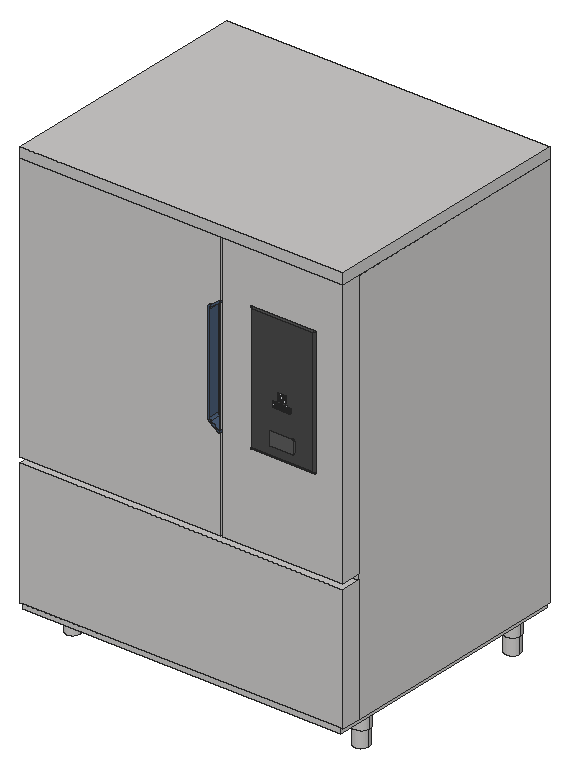
Revit family "QF_ELECTROLUXPROFESSIONAL_725429_EBFA12ET", category Attrezzature speciali, Revit 2018
Family settings
  Quota connettore circolare = Usa diametro
  Tipo di parte = Normale
  Basato su piano di lavoro = No
  Sempre verticale = Sì
  Taglio con vuoti quando caricato = No
  Condiviso = No
  Punto di calcolo locali = No
Parameters (values of type "Standard")
  Weight = 278.00 kg
  Watts = 5500 W
  Volts = 380 V
  URL Manufacturer = "https://www.electroluxprofessional.com/"
  URL = "https://www.electroluxprofessional.com/"
  Steam Supply Size = 0 mm
  Steam Supply Minimum Pressure = 0.0 Pa
  Steam Supply Maximum Pressure = 0.0 Pa
  Steam Consumption per Hour = 0
  Show Logo [instance] = yes
  Show Clearance [instance] = yes
  Refrigeration Suction Line Size = 0 mm
  Refrigeration Liquid Line Size = 0 mm
  Refrigerant Compressor Remote = yes
  Produttore = "Electrolux Professional"
  Phase = 3
  Modello = "EBFA12ET"
  Length Actual = 1250 mm  # constant formula
  Item Number = "725429"
  Hot Water Size = 0 mm
  Height Actual = 1735 mm  # constant formula
  HP = "7.4 HP"
  Gas Size = 0 mm
  Gas KW = 0
  Gas Input Pressure = 0 W
  Direct Waste Size = 139.7 mm
  Descrizione = "SKYLINE CHILLS BLAST CHILLER FREEZER 100/70KG 10 GN 2/1 - WITH IOT MODULE"
  Depth Actual = 1092 mm  # constant formula
  Cycle = 50 Hz
  Condensate Return Size = 0 mm
  Compressed Air Volume = 0.0 L/s
  Compressed Air Size = 0 mm
  Compressed Air Pressure = 0.0 Pa
  Cold Water Size = 0 mm
  Accessory = yes
Types (2, lengths in mm): name | URL | Produttore | Phase | Modello | Direct Waste Size | Descrizione
  (no name) | 0 | 0 | 0 | 0 | 0 | 0
  Standard | "https://www.electroluxprofessional.com/" | "Electrolux Professional" | 3 | "EBFA12ET" | 139.7 | "SKYLINE CHILLS BLAST CHILLER FREEZER 100/70KG 10 GN 2/1 - WITH IOT MODULE"
Values of the unnamed type that differ from the named types
  Weight = 0.00 kg
  Watts = 0 W
  Volts = 0 V
  URL Manufacturer = ""
  Item Number = ""
  HP = ""
  Cycle = 0 Hz
Reference planes
  plane 1 "Center X": y = 50.351
  plane 2: z = 0
  plane 3 "Center Y": x = -134
  plane 4 "LEFT": x = -759
  plane 5 "BACK": y = 549.851
  plane 6 "RIGHT": x = 491
  plane 7 "FRONT": y = -449.149
  plane 8: z = 130
  plane 9 "TOP": z = 1731
  plane 10: x = -692
  plane 11: y = 454.851
  plane 12: x = 424
  plane 13: y = -277.149
  plane 14: y = 641.851
  plane 15: z = 1691
  plane 16: y = -1224.149
Forms (mm)
  Extrusion 1, solid, material "QF_Finishes_Stainless Steel"
    sketch origin (0, 0, 1731) x (-1, 0, 0) y (0, -1, 0)
      loop
        line (759, -549.851) -> (759, 374.149) -> (-491, 374.149) -> (-491, -549.851) -> (759, -549.851)
    from -40 to -1580.98
  Extrusion 2, solid, material "QF_Finishes_Stainless Steel"
    sketch origin (319.273, 549.851, 1983) x (1, 0, 0) y (0, 0, -1)
      loop
        circle (121.727, 1473) r 10.5
    from 0 to 10
  Extrusion 3, solid, material "QF_Finishes_Stainless Steel"
    sketch origin (-1206.916, -1524, 130) x (-1, 0, 0) y (0, -1, 0)
      loop
        line (-447.916, -1074.851) -> (-1697.916, -1074.851) -> (-1697.916, -1149.851) -> (-447.916, -1149.851) -> (-447.916, -1074.851)
    from 504.12 to 20.02
  Extrusion 4, solid, material "QF_Finishes_Stainless Steel"
    sketch origin (-1206.916, -1524, 130) x (-1, 0, 0) y (0, -1, 0)
      loop
        line (-456.916, -2073.851) -> (-456.916, -1074.851) -> (-1688.916, -1074.851) -> (-1688.916, -2073.851) -> (-456.916, -2073.851)
    from 20 to 0
  Extrusion 5, solid, material "QF_Finishes_Stainless Steel"
    sketch origin (-1036.916, -1614, 130) x (0, -1, 0) y (-1, 0, 0)
      loop
        circle (-1675.851, -847.916) r 9.5
    from 0 to 31.68
  Extrusion 6, solid, material "QF_Finishes_Stainless Steel"
    sketch origin (-624, 0, 1479.05) x (1, 0, 0) y (0, 1, 0)
      loop
        line (1115, -449.149) -> (1115, -374.149) -> (649.54, -374.149) -> (649.54, -449.149) -> (1115, -449.149)
    from 211.95 to -824.05
  Extrusion 7, solid, material "QF_Finishes_Stainless Steel"
    sketch origin (-1206.916, -1524, 1020) x (-1, 0, 0) y (0, -1, 0)
      loop
        line (-447.916, -2073.851) -> (-447.916, -1074.851) -> (-1697.916, -1074.851) -> (-1697.916, -2073.851) -> (-447.916, -2073.851)
    from 711 to 671
  Extrusion 8, solid, material "QF_Finishes_Stainless Steel"
    sketch origin (-928.341, 0, 1479.05) x (1, 0, 0) y (0, 1, 0)
      loop
        line (944.341, -449.149) -> (944.341, -374.149) -> (169.341, -374.149) -> (169.341, -449.149) -> (944.341, -449.149)
    from 211.95 to -824.05
  Extrusion 9, solid, material "QF_Finishes_Stainless Steel"
    sketch origin (-591.631, -0.954, 195.686) x (0, 1, 0) y (0, 0, 1)
      loop
        line (550.805, 694.306) -> (550.805, 392.314) -> (635.5, 399.789)
        arc (635.5, 399.789) -> (640.702, 402.354) -> (642.805, 407.759) r 8
        line (642.805, 407.759) -> (642.805, 433.233)
        arc (642.805, 433.233) -> (638.783, 442.547) -> (642.805, 451.86) r 12.795
        line (642.805, 451.86) -> (642.805, 483.24)
        arc (642.805, 483.24) -> (638.783, 492.554) -> (642.805, 501.867) r 12.795
        line (642.805, 501.867) -> (642.805, 533.247)
        arc (642.805, 533.247) -> (638.783, 542.56) -> (642.805, 551.874) r 12.795
        line (642.805, 551.874) -> (642.805, 583.254)
        arc (642.805, 583.254) -> (638.783, 592.567) -> (642.805, 601.881) r 12.795
        line (642.805, 601.881) -> (642.805, 634.796)
        arc (642.805, 634.796) -> (641.466, 639.795) -> (637.808, 643.455) r 10
        line (637.808, 643.455) -> (550.805, 694.306)
    from 857.503 to 979.365
  Extrusion 10, void
    sketch origin (168.369, 0, 1102.727) x (-1, 0, 0) y (0, -1, 0)
      loop
        line (-108.331, -641.851) -> (-97.503, -641.851) -> (-97.503, -549.851) -> (-100.239, -549.851) -> (-108.331, -641.851)
      loop
        line (-216.734, -549.851) -> (-219.365, -549.851) -> (-219.365, -641.851) -> (-208.641, -641.851) -> (-216.734, -549.851)
    from -514.727 to -106.985
  Extrusion 11, void
    sketch origin (7.159, -449.149, 1319.05) x (1, 0, 0) y (0, 0, -1)
      loop
        line (7.841, 305.295) -> (-27.949, 281.572)
        arc (-27.949, 281.572) -> (-34.52, 274.362) -> (-36.899, 264.902) r 20
        line (-36.899, 264.902) -> (-36.899, -110.011)
        arc (-36.899, -110.011) -> (-34.643, -118.991) -> (-28.412, -125.838) r 19
        line (-28.412, -125.838) -> (7.841, -149.92) -> (7.841, 305.295)
    from 0 to 36
  Extrusion 12, solid, material "QF_Door-Drawer Clearances", visible <- "Show Clearance", detail levels coarse
    sketch origin (-678, 0, 1267.038) x (1, 0, 0) y (0, 1, 0)
      loop
        line (-81, -449.149) -> (-81, -1224.149)
        arc (-81, -1224.149) -> (467.008, -997.157) -> (694, -449.149) r 775
        line (694, -449.149) -> (-81, -449.149)
    from -612.038 to 423.962
  Extrusion 13, solid, material "QF_Finishes_Electrolux_Blue"
    sketch origin (-614.7, -452.149, 500.072) x (-1, 0, 0) y (0, 0, -1)
      loop
        line (-629.7, -968.898) -> (-593.447, -944.816)
        arc (-593.447, -944.816) -> (-587.216, -937.969) -> (-584.96, -928.989) r 19
        line (-584.96, -928.989) -> (-584.96, -554.076)
        arc (-584.96, -554.076) -> (-587.339, -544.616) -> (-593.91, -537.406) r 20
        line (-593.91, -537.406) -> (-629.7, -513.683) -> (-632.2, -513.683) -> (-632.2, -519.824) -> (-597.501, -542.824)
        arc (-597.501, -542.824) -> (-593.066, -547.691) -> (-591.46, -554.076) r 13.5
        line (-591.46, -554.076) -> (-591.46, -928.989)
        arc (-591.46, -928.989) -> (-592.944, -934.897) -> (-597.043, -939.401) r 12.5
        line (-597.043, -939.401) -> (-632.2, -962.755) -> (-632.2, -968.898) -> (-629.7, -968.898)
    from -39 to 1
Cuts and joins
  Extrusion 10 cuts Extrusion 1
  Extrusion 10 cuts Extrusion 2
  Extrusion 10 cuts Extrusion 4
  Extrusion 10 cuts Extrusion 5
  joined: Extrusion 1, Extrusion 2, Extrusion 4, Extrusion 5
  Extrusion 11 cuts Extrusion 8
  Extrusion 10 cuts Extrusion 9
Lines and regions (mm)
  symbolic lines
    curve 1: line (-759, 549.851, 1731) -> (491, 549.851, 1731)
    curve 2: line (-759, -449.149, 1731) -> (-759, 549.851, 1731)
    curve 3: line (491, 549.851, 1731) -> (491, -449.149, 1731)
    curve 4: line (268.608, 549.851, 1731) -> (276.7, 641.851, 1731)
    curve 5: line (276.7, 641.851, 1731) -> (377.01, 641.851, 1731)
    curve 6: line (377.01, 641.851, 1731) -> (385.103, 549.851, 1731)
    curve 7: line (378.386, -454.149, 1731) -> (140.386, -454.149, 1731)
    curve 8: line (140.386, -454.149, 1731) -> (132.386, -449.149, 1731)
    curve 9: line (378.386, -454.149, 1731) -> (386.386, -449.149, 1731)
    curve 10: line (-759, -449.149, 0) -> (492, -449.149, 0)
  symbolic lines, style "QF_Door-Drawer Clearances"
    curve 11: line (-759, -449.149, 0) -> (-759, -1224.149, 0)
    curve 12: arc (-759, -1224.149, 0) -> (-210.992, -997.157, 0) -> (16, -449.149, 0) r 775
Dimensions and locks
  equal spacing: plane 4 "LEFT", plane 3 "Center Y", plane 6 "RIGHT"
  plane 4 "LEFT" to plane 6 "RIGHT" = 1250 mm
  plane 5 "BACK" to plane 7 "FRONT" = 999 mm
  equal spacing: plane 5 "BACK", plane 1 "Center X", plane 7 "FRONT"
  cut or joined group of Extrusion 1, Extrusion 2, Extrusion 4, Extrusion 5, Extrusion 10 to Extrusion 2 sketch curve = 1200 mm
  level to Extrusion 2 sketch curve = 510 mm
  plane 5 "BACK" to Extrusion 5 sketch curve = 488 mm
  plane 4 "LEFT" to Extrusion 5 sketch curve = 570 mm
  Extrusion 2 sketch curve to plane 4 "LEFT" = 1200 mm
  plane 9 "TOP" to plane 8 to plane 2 = 1601 mm, 130 mm
  plane 9 "TOP" to level = 1731 mm
  locked: plane 9 "TOP" to plane 15 at 40
  plane 5 "BACK" to plane 16 = 1774 mm
  plane 14 to plane 7 "FRONT" = 1091 mm
  aligned and locked: level to plane 2
  aligned and locked: plane 12 to nested 3
  aligned and locked: plane 12 to nested 2
  aligned and locked: plane 10 to nested 1
  aligned and locked: plane 10 to nested 4
  aligned and locked: nested 4 to plane 11
  aligned and locked: nested 3 to plane 11
  aligned and locked: nested 1 to plane 13
  aligned and locked: nested 2 to plane 13
  aligned and locked: Extrusion 1 to plane 15
  aligned and locked: plane 9 "TOP" to Extrusion 7
  aligned and locked: Extrusion 7 to plane 15
Automatic sketch dimensions
  curve 10 to plane 4 "LEFT" = 0 mm
  Extrusion 1 sketch curve to plane 5 "BACK" = 0 mm
  Extrusion 1 sketch curve to plane 6 "RIGHT" = 0 mm
  Extrusion 1 sketch curve to plane 4 "LEFT" = 0 mm
  Extrusion 1 sketch curve to plane 13 = 97 mm
  Extrusion 3 sketch curve to plane 6 "RIGHT" = 0 mm
  Extrusion 3 sketch curve to plane 4 "LEFT" = 0 mm
  Extrusion 3 sketch curve to plane 7 "FRONT" = 0 mm
  Extrusion 3 sketch curve to Extrusion 3 sketch curve = 75 mm
  Extrusion 4 sketch curve to plane 5 "BACK" = 0 mm
  Extrusion 4 sketch curve to plane 6 "RIGHT" = 9 mm
  plane 4 "LEFT" to Extrusion 4 sketch curve = 9 mm
  Extrusion 4 sketch curve to plane 13 = 172 mm
  Extrusion 6 sketch curve to plane 7 "FRONT" = 0 mm
  Extrusion 6 sketch curve to plane 6 "RIGHT" = 0 mm
  plane 3 "Center Y" to Extrusion 6 sketch curve = 159.54 mm
  Extrusion 6 sketch curve to Extrusion 6 sketch curve = 75 mm
  Extrusion 7 sketch curve to plane 5 "BACK" = 0 mm
  Extrusion 7 sketch curve to plane 6 "RIGHT" = 0 mm
  Extrusion 7 sketch curve to plane 4 "LEFT" = 0 mm
  Extrusion 7 sketch curve to plane 7 "FRONT" = 0 mm
  Extrusion 8 sketch curve to plane 7 "FRONT" = 0 mm
  Extrusion 8 sketch curve to plane 6 "RIGHT" = 475 mm
  Extrusion 8 sketch curve to plane 3 "Center Y" = 625 mm
  Extrusion 8 sketch curve to Extrusion 8 sketch curve = 75 mm
  Extrusion 9 sketch curve to plane 5 "BACK" = 0 mm
  Extrusion 9 sketch curve to plane 14 = 0 mm  (x5)
  Extrusion 9 sketch curve to plane 14 = 10 mm
  Extrusion 9 sketch curve to plane 14 = 8 mm
  Extrusion 9 sketch curve to plane 14 = 7.305 mm
  Extrusion 9 sketch curve to plane 14 = 4.997 mm
  plane 14 to Extrusion 9 sketch curve = 8.773 mm  (x4)
  plane 8 to Extrusion 9 sketch curve = 458 mm
  Extrusion 9 sketch curve to Extrusion 9 sketch curve = 7.476 mm
  Extrusion 9 sketch curve to Extrusion 9 sketch curve = 25.474 mm
  Extrusion 9 sketch curve to Extrusion 9 sketch curve = 9.313 mm  (x4)
  Extrusion 9 sketch curve to Extrusion 9 sketch curve = 31.38 mm  (x3)
  Extrusion 9 sketch curve to Extrusion 9 sketch curve = 32.916 mm
  Extrusion 9 sketch curve to Extrusion 9 sketch curve = 50.851 mm
  Extrusion 11 sketch curve to Extrusion 8 = 45.74 mm
  Extrusion 11 sketch curve to Extrusion 11 sketch curve = 8.487 mm
  Extrusion 11 sketch curve to Extrusion 11 sketch curve = 8.95 mm
  Extrusion 11 sketch curve to Extrusion 11 sketch curve = 10.513 mm
  Extrusion 11 sketch curve to Extrusion 11 sketch curve = 20 mm
  Extrusion 11 sketch curve to Extrusion 8 = 1 mm
  Extrusion 11 sketch curve to Extrusion 8 = 222.03 mm
  Extrusion 11 sketch curve to Extrusion 11 sketch curve = 24.082 mm
  Extrusion 11 sketch curve to Extrusion 8 = 399.149 mm
  Extrusion 11 sketch curve to Extrusion 11 sketch curve = 23.723 mm
  Extrusion 13 sketch curve to Extrusion 13 sketch curve = 0 mm  (x4)
  plane 3 "Center Y" to Extrusion 13 sketch curve = 151.5 mm  (x2)
  Extrusion 13 sketch curve to Extrusion 13 sketch curve = 2.5 mm  (x2)
  Extrusion 13 sketch curve to Extrusion 13 sketch curve = 27.24 mm
  Extrusion 13 sketch curve to Extrusion 13 sketch curve = 28.24 mm
  Extrusion 13 sketch curve to Extrusion 13 sketch curve = 7.459 mm
  Extrusion 13 sketch curve to Extrusion 13 sketch curve = 6.917 mm
  Extrusion 13 sketch curve to Extrusion 13 sketch curve = 3.591 mm
  Extrusion 13 sketch curve to Extrusion 13 sketch curve = 3.597 mm
  Extrusion 13 sketch curve to Extrusion 13 sketch curve = 5.583 mm
  Extrusion 13 sketch curve to Extrusion 13 sketch curve = 6.5 mm
  Extrusion 13 sketch curve to plane 15 = 222.03 mm
  Extrusion 13 sketch curve to Extrusion 13 sketch curve = 6.143 mm
  Extrusion 13 sketch curve to Extrusion 13 sketch curve = 17.939 mm
  Extrusion 13 sketch curve to Extrusion 13 sketch curve = 374.913 mm
  Extrusion 13 sketch curve to Extrusion 13 sketch curve = 23 mm
  Extrusion 13 sketch curve to Extrusion 13 sketch curve = 6.141 mm
  curve 10 to plane 7 "FRONT" = 0 mm
  plane 6 "RIGHT" to curve 10 = 1 mm
  Extrusion 12 sketch curve to plane 4 "LEFT" = 0 mm
  Extrusion 12 sketch curve to plane 7 "FRONT" = 0 mm
  Extrusion 12 sketch curve to plane 16 = 0 mm
  curve 11 to plane 16 = 0 mm
  Extrusion 10 sketch curve to plane 5 "BACK" = 0 mm  (x2)
  Extrusion 10 sketch curve to plane 14 = 0 mm  (x2)
  Extrusion 10 sketch curve to plane 6 "RIGHT" = 103.267 mm
  Extrusion 10 sketch curve to Extrusion 10 sketch curve = 2.631 mm
  Extrusion 10 sketch curve to Extrusion 10 sketch curve = 10.723 mm
  Extrusion 10 sketch curve to Extrusion 10 sketch curve = 100.31 mm
  Extrusion 10 sketch curve to Extrusion 10 sketch curve = 8.092 mm
  Extrusion 10 sketch curve to Extrusion 10 sketch curve = 2.736 mm
  curve 3 to plane 5 "BACK" = 0 mm
  curve 3 to plane 6 "RIGHT" = 0 mm
  curve 6 to plane 14 = 0 mm
  curve 2 to plane 4 "LEFT" = 0 mm
  curve 2 to plane 7 "FRONT" = 0 mm
  curve 3 to plane 7 "FRONT" = 0 mm
  curve 7 to plane 7 "FRONT" = 5 mm
  curve 7 to plane 12 = 45.614 mm
  curve 6 to plane 12 = 46.99 mm
  curve 5 to curve 4 = 100.31 mm
  curve 7 to curve 8 = 238 mm
  curve 9 to plane 6 "RIGHT" = 104.614 mm
  curve 6 to plane 12 = 38.897 mm
  curve 4 to curve 4 = 8.092 mm
  plane 3 "Center Y" to curve 8 = 266.386 mm
  curve 8 to plane 13 = 172 mm
  curve 9 to plane 13 = 172 mm
  radius of Extrusion 2 sketch curve = 10.5 mm
  radius of Extrusion 5 sketch curve = 9.5 mm
Nested families
  nested 1: "Foot_Complete" at (-692, -277.149, 0), type "Foot_Complete"
    with H 130 mm
  nested 2: "Foot_Complete" at (424, -277.149, 0), type "Foot_Complete"
    with H 130 mm
  nested 3: "Foot_Complete" at (424, 454.851, 0), type "Foot_Complete"
    with H 130 mm
  nested 4: "Foot_Complete" at (-692, 454.851, 0), type "Foot_Complete"
    with H 130 mm
  nested 5: "ELX_Touch" at (259.399, -449.149, 1246) x (-1, 0, 0) z (0, -1, 0), type "ELX_Touch"
  nested 6: "ELX_Pro_Logo" at (259.399, -454.149, 1201) x (1, 0, 0) z (0, -1, 0), type "ELX_Pro_Logo"
Connectors
  electrical at (441, 559.851, 510), driven by "Volts"
    settings: on Extrusion 2, index 5, voltage 380 V, apparent load 0 VA, apparent load phase1 0 VA, apparent load phase2 0 VA, apparent load phase3 0 VA, power factor 1, load classification "Altro", number of poles 1, system type 30, power factor state 1, is connector primary yes, connector utility no, sub classification motor no, connector description "Electrical Connection"
  piping at (-189, 61.851, 98.32), diameter 139.7, driven by "Direct Waste Size"
    settings: on cut or joined group of Extrusion 1, Extrusion 2, Extrusion 4, Extrusion 5, Extrusion 10, index 6, connector inside diameter 609.6 mm, connector length 0 mm, flow factor 0, pipe flow 0.0 L/s, pressure drop 0.0 Pa, fitting loss kfactor 0, connector angle 0.00°, fixture units 0, engagement length 0 mm, angle of deflection 0.00°, flow configuration 1, flow direction 2, fitting loss method 0, system type 16, joint type 0, gender type 0, connector reference index -1, connector utility 0, adjustable connector no, is connector primary yes, connector description "Drain"
Definition of nested family "Foot_Complete"
  Parameters
    R = 32 mm
    H = 150 mm
  Reference planes
    plane 1 "Centro (Fronte/Retro)": y = 0
    plane 2: z = 0
    plane 3 "Centro (Sinistra/Destra)": x = 0
    plane 4: z = 150
  Forms (mm)
    Revolve 1, solid
      sketch origin (255.05, 0, 608.09) x (0, 0, 1) y (-1, 0, 0)
        loop
          line (-608.09, 255.05) -> (-608.09, 226.55) -> (-544.09, 226.55) -> (-544.09, 223.05) -> (-458.09, 223.05) -> (-458.09, 255.05) -> (-608.09, 255.05)
        axis (-608.09, 255.05) -> (-458.09, 255.05)
      angle from 0 to 360
  Dimensions and locks
    locked: level to Revolve 1 sketch curve at 64
    "R": Revolve 1 sketch curve to plane 3 "Centro (Sinistra/Destra)"
    "H": plane 4 to level
    aligned and locked: level to plane 2
    aligned and locked: plane 4 to Revolve 1 sketch curve
    aligned and locked: Revolve 1 sketch curve to level
    aligned and locked: plane 3 "Centro (Sinistra/Destra)" to Revolve 1 sketch curve
  Automatic sketch dimensions
    Revolve 1 sketch curve to plane 3 "Centro (Sinistra/Destra)" = 0 mm
    plane 3 "Centro (Sinistra/Destra)" to Revolve 1 sketch curve = 28.5 mm
    Revolve 1 sketch curve to Revolve 1 sketch curve = 50 mm
    Revolve 1 sketch curve to Revolve 1 sketch curve = 20 mm
Definition of nested family "ELX_Touch"
  Parameters
    Default Elevation = 1219.2 mm
  Reference planes
    plane 1 "Centro (Fronte/Retro)": y = 0
    plane 2: z = 0
    plane 3 "Centro (Sinistra/Destra)": x = 0
  Forms (mm)
    Extrusion 1, solid
      sketch origin (0, 0, 0) x (1, 0, 0) y (0, 1, 0)
        loop
          line (-1219.2, 1219.2) -> (-1219.2, -1219.2) -> (1219.2, -1219.2) -> (1219.2, 1219.2) -> (-1219.2, 1219.2)
      from 0 to -304.8
    Extrusion 2, solid
      sketch origin (0, 0, 5) x (1, 0, 0) y (0, 1, 0)
        loop
          line (-47, -160) -> (-47, -202)
          arc (-47, -202) -> (-45.536, -205.535) -> (-42, -207) r 5
          line (-42, -207) -> (42, -207)
          arc (42, -207) -> (45.536, -205.535) -> (47, -202) r 5
          line (47, -202) -> (47, -160)
          arc (47, -160) -> (45.536, -156.465) -> (42, -155) r 5
          line (42, -155) -> (-42, -155)
          arc (-42, -155) -> (-45.536, -156.465) -> (-47, -160) r 5
      from 0 to 2
    Blend 3, solid
      base sketch origin (0, 0, 0) x (1, 0, 0) y (0, 1, 0)
        loop
          line (-127, 244) -> (-127, -244)
          arc (-127, -244) -> (-125.536, -247.536) -> (-122, -249) r 5
          line (-122, -249) -> (122, -249)
          arc (122, -249) -> (125.536, -247.536) -> (127, -244) r 5
          line (127, -244) -> (127, 244)
          arc (127, 244) -> (125.536, 247.536) -> (122, 249) r 5
          line (122, 249) -> (-122, 249)
          arc (-122, 249) -> (-125.536, 247.536) -> (-127, 244) r 5
      top sketch origin (0, 0, 0) x (1, 0, 0) y (0, 1, 0)
        loop
          line (-119, -241) -> (119, -241) -> (119, 241) -> (-119, 241) -> (-119, -241)
      from 0 to 5
  Lines and regions (mm)
    Split face 1
      outline origin (0, 0, 5) x (1, 0, 0) y (0, 1, 0)
        loop
          line (-70.506, 46.167) -> (70.506, 46.167) -> (70.506, 214.829) -> (-70.506, 214.829) -> (-70.506, 46.167)
    Split face 2
      outline origin (0, 0, 5) x (1, 0, 0) y (0, 1, 0)
        loop
          line (-47.467, 50.825) -> (47.467, 50.825) -> (47.467, 210.171) -> (-47.467, 210.171) -> (-47.467, 50.825)
    Split face 3
      outline origin (0, 0, 5) x (1, 0, 0) y (0, 1, 0)
        loop
          line (-70.521, -215.33) -> (70.521, -215.33) -> (70.521, -146.67) -> (-70.521, -146.67) -> (-70.521, -215.33)
    Split face 4
      outline origin (0, 0, 5) x (1, 0, 0) y (0, 1, 0)
        loop
          line (-119, 201.163) -> (-70.506, 201.163)
        loop
          line (70.506, 201.163) -> (119, 201.163)
        loop
          line (70.521, -200.849) -> (119, -200.849)
        loop
          line (-119, -200.849) -> (-70.521, -200.849)
  Dimensions and locks
    aligned and locked: plane 2 to Extrusion 1
    aligned and locked: level to Extrusion 1
Definition of nested family "ELX_Pro_Logo"
  Parameters (values of type "ELX_Pro_Logo")
    M = none
    Default Elevation = 0 mm
  Reference planes
    plane 1 "Centro (Fronte/Retro)": y = 0
    plane 2: z = 0
    plane 3 "Centro (Sinistra/Destra)": x = 0
  Forms (mm)
    Extrusion 1, solid
      sketch origin (0, 0, 0) x (1, 0, 0) y (0, 1, 0)
        loop
          line (-1219.2, 1219.2) -> (-1219.2, -1219.2) -> (1219.2, -1219.2) -> (1219.2, 1219.2) -> (-1219.2, 1219.2)
      from 0 to -304.8
    Extrusion 2, solid, material <- "M"
      sketch origin (-144.622, -1081.55, 0) x (-1, 0, 0) y (0, -1, 0)
        loop
          line (-111.329, -1069.559) -> (-111.329, -1071.073) -> (-116.048, -1071.073) -> (-116.048, -1072.896) -> (-111.328, -1072.896) -> (-111.328, -1075.549) -> (-116.349, -1075.549) -> (-116.349, -1077.368) -> (-109.396, -1077.368) -> (-109.396, -1073.46) -> (-109.396, -1069.659)
          arc (-109.396, -1069.659) -> (-110.425, -1067.175) -> (-112.909, -1066.146) r 3.513
          line (-112.909, -1066.146) -> (-116.483, -1066.146) -> (-116.483, -1067.963) -> (-112.925, -1067.963)
          arc (-112.925, -1067.963) -> (-111.797, -1068.431) -> (-111.329, -1069.559) r 1.596
        loop
          line (-119.79, -1077.358) -> (-117.856, -1077.358) -> (-117.856, -1072.053) -> (-117.856, -1066.132) -> (-119.79, -1066.132) -> (-119.79, -1072.092) -> (-119.79, -1077.358)
        loop
          line (-122.986, -1069.718) -> (-129.327, -1069.718)
          arc (-129.327, -1069.718) -> (-129.219, -1071.449) -> (-128.497, -1073.026) r 4.757
          arc (-128.497, -1073.026) -> (-125.237, -1074.5) -> (-121.978, -1073.026) r 4.34
          arc (-121.978, -1073.026) -> (-121.072, -1070.207) -> (-121.978, -1067.388) r 4.838
          arc (-121.978, -1067.388) -> (-125.393, -1065.933) -> (-128.809, -1067.388) r 4.737
          line (-128.809, -1067.388) -> (-127.645, -1068.52)
          arc (-127.645, -1068.52) -> (-125.509, -1067.576) -> (-123.374, -1068.52) r 2.888
          arc (-123.374, -1068.52) -> (-123.05, -1069.077) -> (-122.986, -1069.718) r 1.527
        loop
          arc (-127.386, -1071.076) -> (-126.67, -1072.331) -> (-125.331, -1072.872) r 2.201
          arc (-125.331, -1072.872) -> (-123.848, -1072.402) -> (-123.033, -1071.076) r 2.23
          line (-123.033, -1071.076) -> (-127.386, -1071.076)
        loop
          line (-136.862, -1071.886) -> (-138.059, -1073.132)
          arc (-138.059, -1073.132) -> (-130.327, -1070.219) -> (-138.059, -1067.306) r 4.415
          line (-138.059, -1067.306) -> (-136.862, -1068.553)
          arc (-136.862, -1068.553) -> (-132.252, -1070.22) -> (-136.862, -1071.886) r 2.606
        loop
          line (-141.192, -1069.673) -> (-141.192, -1072.494) -> (-142.951, -1072.494) -> (-142.951, -1074.25) -> (-141.195, -1074.25) -> (-141.195, -1077.358) -> (-139.262, -1077.358) -> (-139.262, -1073.332) -> (-139.262, -1069.514)
          arc (-139.262, -1069.514) -> (-140.299, -1066.92) -> (-142.98, -1066.132) r 3.196
          line (-142.98, -1066.132) -> (-142.987, -1067.949)
          arc (-142.987, -1067.949) -> (-141.652, -1068.356) -> (-141.192, -1069.673) r 1.542
        loop
          line (-146.494, -1073.042) -> (-146.494, -1074.25) -> (-144.576, -1074.25) -> (-144.576, -1070.271) -> (-144.576, -1066.132) -> (-146.494, -1066.132) -> (-146.494, -1070.401)
          arc (-146.494, -1070.401) -> (-147.446, -1072.228) -> (-149.489, -1072.494) r 2.229
          line (-149.489, -1072.494) -> (-149.489, -1074.362)
          arc (-149.489, -1074.362) -> (-147.761, -1074.226) -> (-146.494, -1073.042) r 2.627
        loop
          line (-159.833, -1072.246) -> (-159.833, -1066.131) -> (-161.767, -1066.131) -> (-161.767, -1072.17) -> (-161.767, -1077.359) -> (-159.833, -1077.359) -> (-159.833, -1072.246)
        loop
          line (-165.194, -1069.514) -> (-165.194, -1074.25) -> (-163.245, -1074.25) -> (-163.245, -1071.898) -> (-163.245, -1069.098)
          arc (-163.245, -1069.098) -> (-166.96, -1065.769) -> (-170.687, -1069.085) r 3.745
          line (-170.687, -1069.085) -> (-170.687, -1071.898) -> (-170.687, -1074.25) -> (-168.739, -1074.25) -> (-168.739, -1069.514)
          arc (-168.739, -1069.514) -> (-166.967, -1067.742) -> (-165.194, -1069.514) r 1.772
        loop
          line (-174.654, -1070.416) -> (-172.975, -1068.078) -> (-171.578, -1066.131) -> (-173.656, -1066.131) -> (-175.717, -1068.999) -> (-177.779, -1066.131) -> (-179.857, -1066.131) -> (-178, -1068.728) -> (-176.781, -1070.433) -> (-178.29, -1072.488) -> (-179.583, -1074.25) -> (-177.473, -1074.25) -> (-175.717, -1071.818) -> (-173.945, -1074.25) -> (-171.852, -1074.25) -> (-173.052, -1072.608) -> (-174.654, -1070.416)
        loop
          circle (-154.223, -1070.188) r 2.508
        loop
          circle (-154.223, -1070.188) r 4.42
        loop
          line (-110.224, -1058.542) -> (-111.194, -1058.542)
          arc (-111.194, -1058.542) -> (-112.217, -1059.95) -> (-110.924, -1061.114) r 1.3
          line (-110.924, -1061.114) -> (-109.424, -1061.114) -> (-109.424, -1057.223) -> (-110.224, -1057.223) -> (-110.224, -1058.542)
        loop
          line (-110.224, -1060.379) -> (-110.224, -1059.293) -> (-111.03, -1059.293)
          arc (-111.03, -1059.293) -> (-111.43, -1059.836) -> (-111.03, -1060.379) r 0.569
          line (-111.03, -1060.379) -> (-110.224, -1060.379)
        loop
          line (-116.302, -1058.564) -> (-117.128, -1058.564) -> (-117.934, -1057.223) -> (-118.841, -1057.223) -> (-117.833, -1058.884)
          arc (-117.833, -1058.884) -> (-118.214, -1060.282) -> (-117.028, -1061.114) r 1.26
          line (-117.028, -1061.114) -> (-115.503, -1061.114) -> (-115.503, -1057.223) -> (-116.302, -1057.223) -> (-116.302, -1058.564)
        loop
          line (-116.302, -1060.379) -> (-116.302, -1059.293) -> (-117.109, -1059.293)
          arc (-117.109, -1059.293) -> (-117.508, -1059.836) -> (-117.109, -1060.379) r 0.569
          line (-117.109, -1060.379) -> (-116.302, -1060.379)
        loop
          line (-128.923, -1057.223) -> (-129.723, -1057.223) -> (-129.723, -1058.714) -> (-131.187, -1058.714) -> (-131.187, -1059.514) -> (-129.723, -1059.514) -> (-129.723, -1060.314) -> (-131.327, -1060.314) -> (-131.327, -1061.114) -> (-128.923, -1061.114) -> (-128.923, -1057.223)
        loop
          arc (-134.628, -1058.469) -> (-134.992, -1057.588) -> (-135.874, -1057.223) r 1.246
          line (-135.874, -1057.223) -> (-137.13, -1057.223) -> (-137.13, -1058.023) -> (-135.969, -1058.023)
          arc (-135.969, -1058.023) -> (-135.53, -1058.237) -> (-135.427, -1058.714) r 0.558
          line (-135.427, -1058.714) -> (-136.984, -1058.714) -> (-136.984, -1059.514) -> (-135.427, -1059.514) -> (-135.427, -1060.314) -> (-137.092, -1060.314) -> (-137.092, -1061.114) -> (-134.628, -1061.114) -> (-134.628, -1058.469)
        loop
          line (-152.3, -1057.223) -> (-153.1, -1057.223) -> (-153.1, -1061.114) -> (-152.3, -1061.114) -> (-152.3, -1057.223)
        loop
          line (-164.67, -1057.223) -> (-164.67, -1059.67) -> (-166.45, -1057.223) -> (-167.25, -1057.223) -> (-167.25, -1061.114) -> (-166.42, -1061.114) -> (-166.42, -1058.594) -> (-164.64, -1061.114) -> (-163.84, -1061.114) -> (-163.84, -1057.223) -> (-164.67, -1057.223)
        loop
          line (-170.403, -1057.223) -> (-171.262, -1057.223) -> (-171.641, -1058.063) -> (-173.08, -1058.063) -> (-173.459, -1057.223) -> (-174.317, -1057.223) -> (-172.796, -1061.113) -> (-171.996, -1061.113) -> (-170.403, -1057.223)
        loop
          line (-177.493, -1057.223) -> (-179.789, -1057.223) -> (-179.789, -1058.023) -> (-178.293, -1058.023) -> (-178.293, -1061.114) -> (-177.493, -1061.114) -> (-177.493, -1057.223)
        loop
          line (-172.362, -1059.848) -> (-171.945, -1058.83) -> (-172.76, -1058.83) -> (-172.362, -1059.848)
        loop
          circle (-158.484, -1059.145) r 1.288
        loop
          circle (-158.484, -1059.145) r 2.065
        loop
          arc (-146.04, -1058.095) -> (-146.933, -1057.275) -> (-148.145, -1057.245) r 1.725
          arc (-148.145, -1057.245) -> (-148.965, -1058.02) -> (-148.68, -1059.111) r 1.107
          arc (-148.68, -1059.111) -> (-148.103, -1059.465) -> (-147.486, -1059.746) r 5.523
          arc (-147.486, -1059.746) -> (-147.147, -1060.262) -> (-147.708, -1060.52) r 0.407
          arc (-147.708, -1060.52) -> (-148.045, -1060.315) -> (-148.325, -1060.038) r 1.702
          line (-148.325, -1060.038) -> (-149.011, -1060.45)
          arc (-149.011, -1060.45) -> (-148.578, -1060.911) -> (-148.043, -1061.247) r 2.463
          arc (-148.043, -1061.247) -> (-146.373, -1060.466) -> (-147.42, -1058.949) r 1.207
          spline (-147.42, -1058.949) -> (-147.716, -1058.809) -> (-147.932, -1058.678) -> (-148.077, -1058.557) -> (-148.163, -1058.446) -> (-148.198, -1058.347) -> (-148.192, -1058.258) -> (-148.157, -1058.182) -> (-148.102, -1058.118) -> (-148.037, -1058.068) -> (-147.972, -1058.031) -> (-147.917, -1058.008) -> (-147.883, -1058)
          arc (-147.883, -1058) -> (-147.238, -1058.014) -> (-146.759, -1058.446) r 0.925
          line (-146.759, -1058.446) -> (-146.04, -1058.095)
        loop
          arc (-140.18, -1058.095) -> (-141.073, -1057.275) -> (-142.285, -1057.245) r 1.725
          arc (-142.285, -1057.245) -> (-143.106, -1058.02) -> (-142.821, -1059.111) r 1.107
          arc (-142.821, -1059.111) -> (-142.243, -1059.465) -> (-141.627, -1059.746) r 5.523
          arc (-141.627, -1059.746) -> (-141.287, -1060.262) -> (-141.849, -1060.52) r 0.407
          arc (-141.849, -1060.52) -> (-142.185, -1060.315) -> (-142.466, -1060.038) r 1.702
          line (-142.466, -1060.038) -> (-143.151, -1060.45)
          arc (-143.151, -1060.45) -> (-142.719, -1060.911) -> (-142.183, -1061.247) r 2.463
          arc (-142.183, -1061.247) -> (-140.513, -1060.466) -> (-141.56, -1058.949) r 1.207
          spline (-141.56, -1058.949) -> (-141.856, -1058.809) -> (-142.072, -1058.678) -> (-142.218, -1058.557) -> (-142.303, -1058.446) -> (-142.338, -1058.347) -> (-142.333, -1058.258) -> (-142.298, -1058.182) -> (-142.242, -1058.118) -> (-142.177, -1058.068) -> (-142.112, -1058.031) -> (-142.057, -1058.008) -> (-142.023, -1058)
          arc (-142.023, -1058) -> (-141.378, -1058.014) -> (-140.9, -1058.446) r 0.925
          line (-140.9, -1058.446) -> (-140.18, -1058.095)
        loop
          circle (-123.484, -1059.145) r 1.288
        loop
          circle (-123.484, -1059.145) r 2.065
        loop
          line (-130.225, -1113.361) -> (-130.225, -1084.645) -> (-158.979, -1084.645) -> (-158.979, -1113.361) -> (-130.225, -1113.361)
        loop
          arc (-148.442, -1086.055) -> (-157.992, -1098.973) -> (-148.442, -1111.892) r 13.512
          line (-148.442, -1111.892) -> (-148.442, -1086.055)
        loop
          line (-147.127, -1086.055) -> (-147.127, -1087.926)
          arc (-147.127, -1087.926) -> (-143.116, -1095.125) -> (-135.48, -1098.224) r 12.412
          line (-135.48, -1098.224) -> (-131.205, -1098.224)
          arc (-131.205, -1098.224) -> (-136.382, -1088.497) -> (-147.127, -1086.055) r 13.242
        loop
          line (-147.127, -1110.021) -> (-147.127, -1112.224)
          arc (-147.127, -1112.224) -> (-136.374, -1109.53) -> (-131.205, -1099.722) r 13.588
          line (-131.205, -1099.722) -> (-135.48, -1099.722)
          arc (-135.48, -1099.722) -> (-143.116, -1102.822) -> (-147.127, -1110.021) r 12.412
      from 0 to 1.6
  Lines and regions (mm)
    symbolic lines
      curve 1: line (-14.357, 31.811, 0) -> (14.357, 31.811, 0)
      curve 2: line (-14.357, 3.095, 0) -> (-14.357, 31.811, 0)
      curve 3: line (14.357, 3.095, 0) -> (-14.357, 3.095, 0)
      curve 4: line (14.357, 31.811, 0) -> (14.357, 3.095, 0)
      curve 5: line (-8.32, 7.722, 0) -> (-9.387, 8.738, 0)
      curve 6: line (-9.387, 8.738, 0) -> (-10.331, 9.866, 0)
      curve 7: line (-10.331, 9.866, 0) -> (-11.141, 11.095, 0)
      curve 8: line (-11.141, 11.095, 0) -> (-11.805, 12.411, 0)
      curve 9: line (-11.805, 12.411, 0) -> (-12.31, 13.803, 0)
      curve 10: line (-12.31, 13.803, 0) -> (-12.646, 15.26, 0)
      curve 11: line (-12.646, 15.26, 0) -> (-12.8, 16.77, 0)
      curve 12: line (-12.8, 16.77, 0) -> (-10.081, 16.77, 0)
      curve 13: line (-10.081, 16.77, 0) -> (-8.466, 16.661, 0)
      curve 14: line (-8.466, 16.661, 0) -> (-6.88, 16.344, 0)
      curve 15: line (-6.88, 16.344, 0) -> (-5.345, 15.833, 0)
      curve 16: line (-5.345, 15.833, 0) -> (-3.882, 15.143, 0)
      curve 17: line (-3.882, 15.143, 0) -> (-2.511, 14.288, 0)
      curve 18: line (-2.511, 14.288, 0) -> (-1.255, 13.283, 0)
      curve 19: line (-1.255, 13.283, 0) -> (-0.135, 12.143, 0)
      curve 20: line (-0.135, 12.143, 0) -> (0.83, 10.882, 0)
      curve 21: line (0.83, 10.882, 0) -> (1.616, 9.515, 0)
      curve 22: arc (1.616, 9.515, 0) -> (2.419, 7.28, 0) -> (2.7, 4.923, 0) r 10.532
      curve 23: arc (2.7, 4.923, 0) -> (1.362, 4.715, 0) -> (0.011, 4.633, 0) r 14.39
      curve 24: line (0.011, 4.633, 0) -> (-1.56, 4.731, 0)
      curve 25: line (-1.56, 4.731, 0) -> (-3.062, 5.011, 0)
      curve 26: line (-3.062, 5.011, 0) -> (-4.502, 5.462, 0)
      curve 27: line (-4.502, 5.462, 0) -> (-5.866, 6.072, 0)
      curve 28: line (-5.866, 6.072, 0) -> (-7.142, 6.829, 0)
      curve 29: line (-7.142, 6.829, 0) -> (-8.32, 7.722, 0)
      curve 30: line (-10.802, 24.24, 0) -> (-9.872, 25.531, 0)
      curve 31: line (-9.872, 25.531, 0) -> (-8.796, 26.699, 0)
      curve 32: line (-8.796, 26.699, 0) -> (-7.587, 27.728, 0)
      curve 33: line (-7.587, 27.728, 0) -> (-6.258, 28.602, 0)
      curve 34: line (-6.258, 28.602, 0) -> (-4.823, 29.309, 0)
      curve 35: line (-4.823, 29.309, 0) -> (-3.293, 29.832, 0)
      curve 36: line (-3.293, 29.832, 0) -> (-1.683, 30.156, 0)
      curve 37: arc (-1.683, 30.156, 0) -> (0.517, 30.256, 0) -> (2.702, 29.984, 0) r 13.008
      curve 38: arc (2.702, 29.984, 0) -> (2.453, 27.616, 0) -> (1.617, 25.387, 0) r 9.395
      curve 39: line (1.617, 25.387, 0) -> (0.83, 24.018, 0)
      curve 40: line (0.83, 24.018, 0) -> (-0.134, 22.756, 0)
      curve 41: line (-0.134, 22.756, 0) -> (-1.255, 21.615, 0)
      curve 42: line (-1.255, 21.615, 0) -> (-2.512, 20.609, 0)
      curve 43: line (-2.512, 20.609, 0) -> (-3.882, 19.754, 0)
      curve 44: line (-3.882, 19.754, 0) -> (-5.346, 19.063, 0)
      curve 45: line (-5.346, 19.063, 0) -> (-6.881, 18.551, 0)
      curve 46: line (-6.881, 18.551, 0) -> (-8.467, 18.234, 0)
      curve 47: line (-8.467, 18.234, 0) -> (-10.083, 18.125, 0)
      curve 48: line (-10.083, 18.125, 0) -> (-12.798, 18.125, 0)
      curve 49: line (-12.798, 18.125, 0) -> (-12.584, 19.768, 0)
      curve 50: line (-12.584, 19.768, 0) -> (-12.171, 21.343, 0)
      curve 51: line (-12.171, 21.343, 0) -> (-11.572, 22.839, 0)
      curve 52: line (-11.572, 22.839, 0) -> (-10.802, 24.24, 0)
      curve 53: line (4.048, 5.294, 0) -> (4.048, 29.617, 0)
      curve 54: line (4.048, 29.617, 0) -> (5.525, 29.026, 0)
      curve 55: line (5.525, 29.026, 0) -> (6.905, 28.26, 0)
      curve 56: line (6.905, 28.26, 0) -> (8.174, 27.332, 0)
      curve 57: line (8.174, 27.332, 0) -> (9.318, 26.256, 0)
      curve 58: line (9.318, 26.256, 0) -> (10.323, 25.046, 0)
      curve 59: line (10.323, 25.046, 0) -> (11.177, 23.715, 0)
      curve 60: line (11.177, 23.715, 0) -> (11.865, 22.277, 0)
      curve 61: line (11.865, 22.277, 0) -> (12.375, 20.746, 0)
      curve 62: line (12.375, 20.746, 0) -> (12.693, 19.135, 0)
      curve 63: line (12.693, 19.135, 0) -> (12.804, 17.459, 0)
      curve 64: line (12.804, 17.459, 0) -> (12.702, 15.807, 0)
      curve 65: line (12.702, 15.807, 0) -> (12.396, 14.216, 0)
      curve 66: line (12.396, 14.216, 0) -> (11.897, 12.7, 0)
      curve 67: line (11.897, 12.7, 0) -> (11.218, 11.271, 0)
      curve 68: line (11.218, 11.271, 0) -> (10.372, 9.944, 0)
      curve 69: line (10.372, 9.944, 0) -> (9.37, 8.731, 0)
      curve 70: line (9.37, 8.731, 0) -> (8.224, 7.646, 0)
      curve 71: line (8.224, 7.646, 0) -> (6.947, 6.703, 0)
      curve 72: line (6.947, 6.703, 0) -> (5.551, 5.914, 0)
      curve 73: line (5.551, 5.914, 0) -> (4.048, 5.294, 0)
      curve 74: line (-35.227, -8.09, 0) -> (-35.227, -11.891, 0)
      curve 75: arc (-35.227, -11.891, 0) -> (-34.198, -14.375, 0) -> (-31.714, -15.404, 0) r 3.513
      curve 76: line (-31.714, -15.404, 0) -> (-28.139, -15.404, 0)
      curve 77: line (-28.139, -15.404, 0) -> (-28.139, -13.587, 0)
      curve 78: line (-28.139, -13.587, 0) -> (-31.697, -13.587, 0)
      curve 79: arc (-31.697, -13.587, 0) -> (-32.826, -13.119, 0) -> (-33.293, -11.991, 0) r 1.596
      curve 80: line (-33.293, -11.991, 0) -> (-33.293, -10.477, 0)
      curve 81: line (-33.293, -10.477, 0) -> (-28.574, -10.477, 0)
      curve 82: line (-28.574, -10.477, 0) -> (-28.574, -8.654, 0)
      curve 83: line (-28.574, -8.654, 0) -> (-33.294, -8.654, 0)
      curve 84: line (-33.294, -8.654, 0) -> (-33.294, -6.001, 0)
      curve 85: line (-33.294, -6.001, 0) -> (-28.273, -6.001, 0)
      curve 86: line (-28.273, -6.001, 0) -> (-28.273, -4.182, 0)
      curve 87: line (-28.273, -4.182, 0) -> (-35.227, -4.182, 0)
      curve 88: line (-35.227, -4.182, 0) -> (-35.227, -8.09, 0)
      curve 89: line (-24.833, -9.458, 0) -> (-24.833, -4.192, 0)
      curve 90: line (-24.833, -4.192, 0) -> (-26.766, -4.192, 0)
      curve 91: line (-26.766, -4.192, 0) -> (-26.766, -9.497, 0)
      curve 92: line (-26.766, -9.497, 0) -> (-26.766, -15.418, 0)
      curve 93: line (-26.766, -15.418, 0) -> (-24.833, -15.418, 0)
      curve 94: line (-24.833, -15.418, 0) -> (-24.833, -9.458, 0)
      curve 95: arc (-16.125, -8.524, 0) -> (-19.385, -7.05, 0) -> (-22.645, -8.524, 0) r 4.34
      curve 96: arc (-22.645, -8.524, 0) -> (-23.551, -11.343, 0) -> (-22.645, -14.162, 0) r 4.838
      curve 97: arc (-22.645, -14.162, 0) -> (-19.229, -15.617, 0) -> (-15.813, -14.162, 0) r 4.737
      curve 98: line (-15.813, -14.162, 0) -> (-16.978, -13.03, 0)
      curve 99: arc (-16.978, -13.03, 0) -> (-19.113, -13.974, 0) -> (-21.249, -13.03, 0) r 2.888
      curve 100: arc (-21.249, -13.03, 0) -> (-21.572, -12.473, 0) -> (-21.637, -11.832, 0) r 1.527
      curve 101: line (-21.637, -11.832, 0) -> (-15.295, -11.832, 0)
      curve 102: arc (-15.295, -11.832, 0) -> (-15.404, -10.101, 0) -> (-16.125, -8.524, 0) r 4.757
      curve 103: line (-17.236, -10.474, 0) -> (-21.589, -10.474, 0)
      curve 104: arc (-21.589, -10.474, 0) -> (-20.774, -9.148, 0) -> (-19.291, -8.678, 0) r 2.23
      curve 105: arc (-19.291, -8.678, 0) -> (-17.952, -9.219, 0) -> (-17.236, -10.474, 0) r 2.201
      curve 106: arc (-6.563, -8.418, 0) -> (-14.295, -11.331, 0) -> (-6.563, -14.244, 0) r 4.415
      curve 107: line (-6.563, -14.244, 0) -> (-7.761, -12.997, 0)
      curve 108: arc (-7.761, -12.997, 0) -> (-12.371, -11.33, 0) -> (-7.761, -9.664, 0) r 2.606
      curve 109: line (-7.761, -9.664, 0) -> (-6.563, -8.418, 0)
      curve 110: line (-5.361, -4.192, 0) -> (-5.361, -8.218, 0)
      curve 111: line (-5.361, -8.218, 0) -> (-5.361, -12.036, 0)
      curve 112: arc (-5.361, -12.036, 0) -> (-4.323, -14.63, 0) -> (-1.642, -15.418, 0) r 3.196
      curve 113: line (-1.642, -15.418, 0) -> (-1.636, -13.601, 0)
      curve 114: arc (-1.636, -13.601, 0) -> (-2.97, -13.194, 0) -> (-3.43, -11.877, 0) r 1.542
      curve 115: line (-3.43, -11.877, 0) -> (-3.43, -9.056, 0)
      curve 116: line (-3.43, -9.056, 0) -> (-1.672, -9.056, 0)
      curve 117: line (-1.672, -9.056, 0) -> (-1.672, -7.299, 0)
      curve 118: line (-1.672, -7.299, 0) -> (-3.427, -7.299, 0)
      curve 119: line (-3.427, -7.299, 0) -> (-3.427, -4.192, 0)
      curve 120: line (-3.427, -4.192, 0) -> (-5.361, -4.192, 0)
      curve 121: line (1.872, -7.3, 0) -> (-0.046, -7.3, 0)
      curve 122: line (-0.046, -7.3, 0) -> (-0.046, -11.279, 0)
      curve 123: line (-0.046, -11.279, 0) -> (-0.046, -15.418, 0)
      curve 124: line (-0.046, -15.418, 0) -> (1.872, -15.418, 0)
      curve 125: line (1.872, -15.418, 0) -> (1.872, -11.149, 0)
      curve 126: arc (1.872, -11.149, 0) -> (2.824, -9.322, 0) -> (4.867, -9.056, 0) r 2.229
      curve 127: line (4.867, -9.056, 0) -> (4.867, -7.188, 0)
      curve 128: arc (4.867, -7.188, 0) -> (3.138, -7.324, 0) -> (1.872, -8.508, 0) r 2.627
      curve 129: line (1.872, -8.508, 0) -> (1.872, -7.3, 0)
      curve 130: arc (7.092, -11.362, 0) -> (9.601, -8.854, 0) -> (12.109, -11.362, 0) r 2.508
      curve 131: arc (12.109, -11.362, 0) -> (9.601, -13.871, 0) -> (7.092, -11.362, 0) r 2.508
      curve 132: arc (5.18, -11.362, 0) -> (9.601, -15.783, 0) -> (14.021, -11.362, 0) r 4.42
      curve 133: arc (14.021, -11.362, 0) -> (9.601, -6.942, 0) -> (5.18, -11.362, 0) r 4.42
      curve 134: line (15.211, -4.191, 0) -> (15.211, -9.304, 0)
      curve 135: line (15.211, -9.304, 0) -> (15.211, -15.419, 0)
      curve 136: line (15.211, -15.419, 0) -> (17.145, -15.419, 0)
      curve 137: line (17.145, -15.419, 0) -> (17.145, -9.38, 0)
      curve 138: line (17.145, -9.38, 0) -> (17.145, -4.191, 0)
      curve 139: line (17.145, -4.191, 0) -> (15.211, -4.191, 0)
      curve 140: line (18.622, -7.299, 0) -> (18.622, -9.652, 0)
      curve 141: line (18.622, -9.652, 0) -> (18.622, -12.452, 0)
      curve 142: arc (18.622, -12.452, 0) -> (22.338, -15.781, 0) -> (26.064, -12.465, 0) r 3.745
      curve 143: line (26.064, -12.465, 0) -> (26.064, -9.652, 0)
      curve 144: line (26.064, -9.652, 0) -> (26.064, -7.299, 0)
      curve 145: line (26.064, -7.299, 0) -> (24.116, -7.299, 0)
      curve 146: line (24.116, -7.299, 0) -> (24.116, -12.036, 0)
      curve 147: arc (24.116, -12.036, 0) -> (22.344, -13.808, 0) -> (20.572, -12.036, 0) r 1.772
      curve 148: line (20.572, -12.036, 0) -> (20.572, -7.299, 0)
      curve 149: line (20.572, -7.299, 0) -> (18.622, -7.299, 0)
      curve 150: line (28.43, -8.942, 0) -> (30.032, -11.134, 0)
      curve 151: line (30.032, -11.134, 0) -> (28.353, -13.472, 0)
      curve 152: line (28.353, -13.472, 0) -> (26.955, -15.419, 0)
      curve 153: line (26.955, -15.419, 0) -> (29.033, -15.419, 0)
      curve 154: line (29.033, -15.419, 0) -> (31.095, -12.551, 0)
      curve 155: line (31.095, -12.551, 0) -> (33.156, -15.419, 0)
      curve 156: line (33.156, -15.419, 0) -> (35.234, -15.419, 0)
      curve 157: line (35.234, -15.419, 0) -> (33.378, -12.822, 0)
      curve 158: line (33.378, -12.822, 0) -> (32.158, -11.117, 0)
      curve 159: line (32.158, -11.117, 0) -> (33.668, -9.062, 0)
      curve 160: line (33.668, -9.062, 0) -> (34.961, -7.3, 0)
      curve 161: line (34.961, -7.3, 0) -> (32.851, -7.3, 0)
      curve 162: line (32.851, -7.3, 0) -> (31.095, -9.732, 0)
      curve 163: line (31.095, -9.732, 0) -> (29.323, -7.3, 0)
      curve 164: line (29.323, -7.3, 0) -> (27.23, -7.3, 0)
      curve 165: line (27.23, -7.3, 0) -> (28.43, -8.942, 0)
      curve 166: line (-35.198, -20.436, 0) -> (-35.198, -24.327, 0)
      curve 167: line (-35.198, -24.327, 0) -> (-34.398, -24.327, 0)
      curve 168: line (-34.398, -24.327, 0) -> (-34.398, -23.008, 0)
      curve 169: line (-34.398, -23.008, 0) -> (-33.428, -23.008, 0)
      curve 170: arc (-33.428, -23.008, 0) -> (-32.405, -21.6, 0) -> (-33.699, -20.436, 0) r 1.3
      curve 171: line (-33.699, -20.436, 0) -> (-35.198, -20.436, 0)
      curve 172: line (-34.398, -22.257, 0) -> (-34.398, -21.171, 0)
      curve 173: line (-34.398, -21.171, 0) -> (-33.592, -21.171, 0)
      curve 174: arc (-33.592, -21.171, 0) -> (-33.192, -21.714, 0) -> (-33.592, -22.257, 0) r 0.569
      curve 175: line (-33.592, -22.257, 0) -> (-34.398, -22.257, 0)
      curve 176: line (-29.12, -20.436, 0) -> (-29.12, -24.327, 0)
      curve 177: line (-29.12, -24.327, 0) -> (-28.32, -24.327, 0)
      curve 178: line (-28.32, -24.327, 0) -> (-28.32, -22.986, 0)
      curve 179: line (-28.32, -22.986, 0) -> (-27.494, -22.986, 0)
      curve 180: line (-27.494, -22.986, 0) -> (-26.688, -24.327, 0)
      curve 181: line (-26.688, -24.327, 0) -> (-25.781, -24.327, 0)
      curve 182: line (-25.781, -24.327, 0) -> (-26.789, -22.666, 0)
      curve 183: arc (-26.789, -22.666, 0) -> (-26.409, -21.268, 0) -> (-27.594, -20.436, 0) r 1.26
      curve 184: line (-27.594, -20.436, 0) -> (-29.12, -20.436, 0)
      curve 185: line (-28.32, -22.257, 0) -> (-28.32, -21.171, 0)
      curve 186: line (-28.32, -21.171, 0) -> (-27.514, -21.171, 0)
      curve 187: arc (-27.514, -21.171, 0) -> (-27.114, -21.714, 0) -> (-27.514, -22.257, 0) r 0.569
      curve 188: line (-27.514, -22.257, 0) -> (-28.32, -22.257, 0)
      curve 189: arc (-22.427, -22.405, 0) -> (-21.138, -21.117, 0) -> (-19.85, -22.405, 0) r 1.288
      curve 190: arc (-19.85, -22.405, 0) -> (-21.138, -23.694, 0) -> (-22.427, -22.405, 0) r 1.288
      curve 191: arc (-23.203, -22.405, 0) -> (-21.138, -24.47, 0) -> (-19.074, -22.405, 0) r 2.065
      curve 192: arc (-19.074, -22.405, 0) -> (-21.138, -20.34, 0) -> (-23.203, -22.405, 0) r 2.065
      curve 193: line (-15.7, -20.436, 0) -> (-15.7, -24.327, 0)
      curve 194: line (-15.7, -24.327, 0) -> (-14.9, -24.327, 0)
      curve 195: line (-14.9, -24.327, 0) -> (-14.9, -22.836, 0)
      curve 196: line (-14.9, -22.836, 0) -> (-13.436, -22.836, 0)
      curve 197: line (-13.436, -22.836, 0) -> (-13.436, -22.036, 0)
      curve 198: line (-13.436, -22.036, 0) -> (-14.9, -22.036, 0)
      curve 199: line (-14.9, -22.036, 0) -> (-14.9, -21.236, 0)
      curve 200: line (-14.9, -21.236, 0) -> (-13.295, -21.236, 0)
      curve 201: line (-13.295, -21.236, 0) -> (-13.295, -20.436, 0)
      curve 202: line (-13.295, -20.436, 0) -> (-15.7, -20.436, 0)
      curve 203: line (-9.995, -20.436, 0) -> (-9.995, -23.081, 0)
      curve 204: arc (-9.995, -23.081, 0) -> (-9.63, -23.962, 0) -> (-8.749, -24.327, 0) r 1.246
      curve 205: line (-8.749, -24.327, 0) -> (-7.492, -24.327, 0)
      curve 206: line (-7.492, -24.327, 0) -> (-7.492, -23.527, 0)
      curve 207: line (-7.492, -23.527, 0) -> (-8.653, -23.527, 0)
      curve 208: arc (-8.653, -23.527, 0) -> (-9.092, -23.313, 0) -> (-9.195, -22.836, 0) r 0.558
      curve 209: line (-9.195, -22.836, 0) -> (-7.639, -22.836, 0)
      curve 210: line (-7.639, -22.836, 0) -> (-7.639, -22.036, 0)
      curve 211: line (-7.639, -22.036, 0) -> (-9.195, -22.036, 0)
      curve 212: line (-9.195, -22.036, 0) -> (-9.195, -21.236, 0)
      curve 213: line (-9.195, -21.236, 0) -> (-7.53, -21.236, 0)
      curve 214: line (-7.53, -21.236, 0) -> (-7.53, -20.436, 0)
      curve 215: line (-7.53, -20.436, 0) -> (-9.995, -20.436, 0)
      curve 216: arc (-4.442, -23.455, 0) -> (-3.549, -24.275, 0) -> (-2.337, -24.305, 0) r 1.725
      curve 217: arc (-2.337, -24.305, 0) -> (-1.517, -23.53, 0) -> (-1.802, -22.439, 0) r 1.107
      curve 218: arc (-1.802, -22.439, 0) -> (-2.379, -22.085, 0) -> (-2.996, -21.804, 0) r 5.523
      curve 219: arc (-2.996, -21.804, 0) -> (-3.336, -21.288, 0) -> (-2.774, -21.03, 0) r 0.407
      curve 220: arc (-2.774, -21.03, 0) -> (-2.437, -21.235, 0) -> (-2.157, -21.512, 0) r 1.702
      curve 221: line (-2.157, -21.512, 0) -> (-1.471, -21.1, 0)
      curve 222: arc (-1.471, -21.1, 0) -> (-1.904, -20.639, 0) -> (-2.44, -20.303, 0) r 2.463
      curve 223: arc (-2.44, -20.303, 0) -> (-4.109, -21.084, 0) -> (-3.062, -22.601, 0) r 1.207
      curve 224: line (-3.062, -22.601, 0) -> (-2.6, -23.549, 0)
      curve 225: arc (-2.6, -23.549, 0) -> (-3.244, -23.536, 0) -> (-3.723, -23.104, 0) r 0.925
      curve 226: line (-3.723, -23.104, 0) -> (-4.442, -23.455, 0)
      curve 227: arc (1.418, -23.455, 0) -> (2.311, -24.275, 0) -> (3.523, -24.305, 0) r 1.725
      curve 228: arc (3.523, -24.305, 0) -> (4.343, -23.53, 0) -> (4.058, -22.439, 0) r 1.107
      curve 229: arc (4.058, -22.439, 0) -> (3.48, -22.085, 0) -> (2.864, -21.804, 0) r 5.523
      curve 230: arc (2.864, -21.804, 0) -> (2.524, -21.288, 0) -> (3.086, -21.03, 0) r 0.407
      curve 231: arc (3.086, -21.03, 0) -> (3.423, -21.235, 0) -> (3.703, -21.512, 0) r 1.702
      curve 232: line (3.703, -21.512, 0) -> (4.389, -21.1, 0)
      curve 233: arc (4.389, -21.1, 0) -> (3.956, -20.639, 0) -> (3.42, -20.303, 0) r 2.463
      curve 234: arc (3.42, -20.303, 0) -> (1.75, -21.084, 0) -> (2.798, -22.601, 0) r 1.207
      curve 235: line (2.798, -22.601, 0) -> (3.26, -23.549, 0)
      curve 236: arc (3.26, -23.549, 0) -> (2.616, -23.536, 0) -> (2.137, -23.104, 0) r 0.925
      curve 237: line (2.137, -23.104, 0) -> (1.418, -23.455, 0)
      curve 238: line (7.678, -24.327, 0) -> (8.478, -24.327, 0)
      curve 239: line (8.478, -24.327, 0) -> (8.478, -20.436, 0)
      curve 240: line (8.478, -20.436, 0) -> (7.678, -20.436, 0)
      curve 241: line (7.678, -20.436, 0) -> (7.678, -24.327, 0)
      curve 242: arc (11.797, -22.405, 0) -> (13.862, -24.47, 0) -> (15.926, -22.405, 0) r 2.065
      curve 243: arc (15.15, -22.405, 0) -> (13.862, -23.694, 0) -> (12.573, -22.405, 0) r 1.288
      curve 244: arc (12.573, -22.405, 0) -> (13.862, -21.117, 0) -> (15.15, -22.405, 0) r 1.288
      curve 245: arc (15.926, -22.405, 0) -> (13.862, -20.34, 0) -> (11.797, -22.405, 0) r 2.065
      curve 246: line (19.217, -20.436, 0) -> (19.217, -24.327, 0)
      curve 247: line (19.217, -24.327, 0) -> (20.048, -24.327, 0)
      curve 248: line (20.048, -24.327, 0) -> (20.048, -21.88, 0)
      curve 249: line (20.048, -21.88, 0) -> (21.828, -24.327, 0)
      curve 250: line (21.828, -24.327, 0) -> (22.628, -24.327, 0)
      curve 251: line (22.628, -24.327, 0) -> (22.628, -20.436, 0)
      curve 252: line (22.628, -20.436, 0) -> (21.797, -20.436, 0)
      curve 253: line (21.797, -20.436, 0) -> (21.797, -22.956, 0)
      curve 254: line (21.797, -22.956, 0) -> (20.017, -20.436, 0)
      curve 255: line (20.017, -20.436, 0) -> (19.217, -20.436, 0)
      curve 256: line (27.374, -20.437, 0) -> (25.781, -24.327, 0)
      curve 257: line (25.781, -24.327, 0) -> (26.64, -24.327, 0)
      curve 258: line (26.64, -24.327, 0) -> (27.018, -23.487, 0)
      curve 259: line (27.018, -23.487, 0) -> (28.458, -23.487, 0)
      curve 260: line (28.458, -23.487, 0) -> (28.836, -24.327, 0)
      curve 261: line (28.836, -24.327, 0) -> (29.695, -24.327, 0)
      curve 262: line (29.695, -24.327, 0) -> (28.174, -20.437, 0)
      curve 263: line (28.174, -20.437, 0) -> (27.374, -20.437, 0)
      curve 264: line (27.322, -22.72, 0) -> (27.739, -21.702, 0)
      curve 265: line (27.739, -21.702, 0) -> (28.137, -22.72, 0)
      curve 266: line (28.137, -22.72, 0) -> (27.322, -22.72, 0)
      curve 267: line (32.87, -20.436, 0) -> (32.87, -24.327, 0)
      curve 268: line (32.87, -24.327, 0) -> (35.166, -24.327, 0)
      curve 269: line (35.166, -24.327, 0) -> (35.166, -23.527, 0)
      curve 270: line (35.166, -23.527, 0) -> (33.67, -23.527, 0)
      curve 271: line (33.67, -23.527, 0) -> (33.67, -20.436, 0)
      curve 272: line (33.67, -20.436, 0) -> (32.87, -20.436, 0)
  Dimensions and locks
    aligned and locked: plane 2 to Extrusion 1
    aligned and locked: level to Extrusion 1
